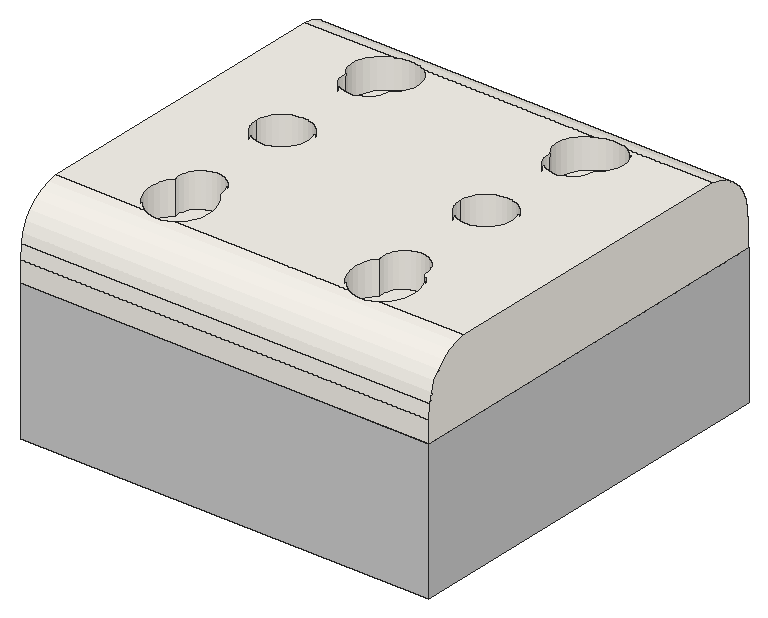
Revit family "Domotics-DomesticRanges-GEWISS-CHORUS_POWER-SOCKET-OUTLET_ITA_2xP11P17_16A", category Apparecchi elettrici, host Superficie, Revit 2016
Family settings
  Host = Superficie
  Mantenere orientamento annotazione = Sì
  Tipo di parte = Normale
  Quota connettore circolare = Usa diametro
  Numero OmniClass = 23.80.50.14
  Titolo OmniClass = Plug Connectors
  Taglio con vuoti quando caricato = Sì
  Condiviso = Sì
  Punto di calcolo locali = No
Parameters (values of type "GW14208 - Titanium")
  Wiring terminals = "With screw"
  Voltage: = "250 V ac"
  Voltage = "250 V ac"
  Vista in pianta [instance] = yes
  Vista di pianta [instance] = yes
  Version file RFA = "19.0"
  URL = "https://www.gewiss.com/ww/en"
  Tipo = CHORUS PRESE DOPPIE ITA P11-17 16A_BASE : GW14906 - Titanio
  Thermo-pressure with ball = "125 °C"
  Terminal tightening capacity rigid cables (mm2) = "min. 0,5 - max. 2x2,5"
  Terminal tightening capacity flexible cables (mm2) = "min. 0,75 - max. 2x4"
  Terminal grip on cable traction = "> 50 N"
  Technical sheet = "https://www.gewiss.com/ww/en/search?q=GW14208"
  Standard; = "IEC 60884-1"
  Standard: = "English"
  Standard = "English"
  Socket-out type = "P11-P17"
  Simbolo = SIMBOLO PRESE DOPPIE : PRESA DOPPIA
  SIMBOLO [instance] = yes
  SEO = "Socket outlet"
  Resistance at test voltage = "2000 V at 50 Hz for 1 minute"
  Realized by GEWISS S.p.A. = ""
  Prolonged operation (no.of position changes) = "10.000 at In 250 V ac cosØ=0,8"
  Produttore = "GEWISS S.p.A."
  No. Chorus modules: = "2"
  No. Chorus modules = "2"
  Modello = "GW14208"
  Larghezza presa = 46 mm
  Insulation resistance = "> 5 MOhm"
  IFC.TypeObject = ""
  IFC.ExportType = ""
  IFC.ExportAs = ""
  Offset presa [instance] = 0 mm
  Offset bidimensionale [instance] = 2 mm
  IDT = "0d330754-0b03-49b4-9722-6411f775bea8"
  IDF = "0beabf91-52fa-4b9d-8450-2fb65aae4f08"
  Glow Wire Test = "850°C"
  For plug pins = "Ø 4 / 5 mm"
  Electrocod = "0131"
  EAN code = "8011564266339"
  Distanza_x [instance] = 0 mm
  Distanza_effettiva_x [instance] = 1500 mm - Distanza_x  # 1500 mm
  Default Elevation = 1219.2 mm
  Immagine tipo = GW14208.jpg
  Descrizione = "DBL SOCKET 2P+E 16A P17-11 D.AM IT ST T"
  Description: = "2x2P+E - 16A Dual amperage"
  Description. = "Double socket-outlet"
  Colour = "Titanium"
  Characteristics = "With safety shields"
  Category = "Double socket-outlet"
  Catalogue Range = "CHORUS - DOMESTIC RANGE"
  Catalogue = "DOMOTICS"
  COBie.Tagnumber = ""
  COBie.CreatedOn = ""
  COBie.CreatebBy = ""
  COBie.ComponentRegisterItemID = ""
  COBie.Component.TagNumber = ""
  COBie.Component.Space = ""
  COBie.Component.SerialNumber = ""
  COBie.Component.InstallationDate = ""
  COBie.Component.Description = ""
  COBie.Component.BarCode = ""
  Breaking capacity: = "1.25 In (100 position changes)"
Types (3, lengths in mm): name | Tipo | Technical sheet | Modello | IDT | EAN code | Immagine tipo | Descrizione | Colour
  GW10208 - White | CHORUS PRESE DOPPIE ITA P11-17 16A_BASE : BIANCO | "https://www.gewiss.com/ww/en/search?q=GW10208" | "GW10208" | "a61e7f57-0a49-4e88-a2ea-4d9792fcc56e" | "8011564258655" | GW10208.jpg | "2XS. OUT. 2P+E 16A P17-11 D.AM IT WH" | "White"
  GW12208 - Black | CHORUS PRESE DOPPIE ITA P11-17 16A_BASE : NERO | "https://www.gewiss.com/ww/en/search?q=GW12208" | "GW12208" | "1884ef91-dc54-4909-a2a3-03ab2e2d80e9" | "8011564269507" | GW12208.jpg | "DBL SOC, 2P+E 16A P17-11 D.AM IT/G ST B" | "Black"
  GW14208 - Titanium | CHORUS PRESE DOPPIE ITA P11-17 16A_BASE : GW14906 - Titanio | "https://www.gewiss.com/ww/en/search?q=GW14208" | "GW14208" | "0d330754-0b03-49b4-9722-6411f775bea8" | "8011564266339" | GW14208.jpg | "DBL SOCKET 2P+E 16A P17-11 D.AM IT ST T" | "Titanium"
Reference planes
  plane 1 "Centro (Fronte/Retro)": y = 0
  plane 2: z = 0
  plane 3 "Centro (Sinistra/Destra)": x = 0
  plane 4: z = 0
  plane 5 "piano bidimensionale": z = 28
  plane 6: x = -23
  plane 7: x = 23
  plane 8: z = 26
  plane 9: x = -1500
  plane 10: x = 0
Lines and regions (mm)
  Masking region 1, visible <- "Vista di pianta"
    outline origin (0, 0, 0) x (1, 0, 0) y (0, 0, 1)
      loop
        line (-23, 26) -> (-23, 0) -> (23, 0) -> (23, 26) -> (-23, 26)
  model lines, style "pulsanti", not visible, detail levels coarse
    curve 1: line (-11.5, 22.5, 58) -> (11.5, 22.5, 58)
    curve 2: line (-11.5, -22.5, 58) -> (-11.5, 22.5, 58)
    curve 3: line (11.5, -22.5, 58) -> (-11.5, -22.5, 58)
    curve 4: line (11.5, 22.5, 58) -> (11.5, -22.5, 58)
    curve 5: line (6.262, -7.36, 58) -> (-6.262, -7.36, 58)
    curve 6: line (6.36, -6.36, 58) -> (-6.36, -6.36, 58)
    curve 7: arc (-7.36, -6.262, 58) -> (-7.039, -7.039, 58) -> (-6.262, -7.36, 58) r 1.098
    curve 8: line (-7.36, 6.262, 58) -> (-7.36, -6.262, 58)
    curve 9: line (-6.36, -6.36, 58) -> (-6.36, 6.36, 58)
    curve 10: line (-6.36, 6.36, 58) -> (-0.5, 6.36, 58)
    curve 11: line (6.262, 7.36, 58) -> (0.5, 7.36, 58)
    curve 12: line (-0.5, 13.106, 58) -> (-0.5, 7.36, 58)
    curve 13: line (0.5, 7.36, 58) -> (0.5, 13.106, 58)
    curve 14: line (0.5, 3.674, 58) -> (0.5, 6.36, 58)
    curve 15: line (-0.5, 3.674, 58) -> (0.5, 3.674, 58)
    curve 16: line (0.5, 13.106, 58) -> (-0.5, 13.106, 58)
    curve 17: arc (-7.36, 6.262, 58) -> (-7.039, 7.039, 58) -> (-6.262, 7.36, 58) r 1.098
    curve 18: line (6.36, 6.36, 58) -> (6.36, -6.36, 58)
    curve 19: line (7.36, 6.262, 58) -> (7.36, -6.262, 58)
    curve 20: line (0.5, 6.36, 58) -> (6.36, 6.36, 58)
    curve 21: arc (7.36, 6.262, 58) -> (7.039, 7.039, 58) -> (6.262, 7.36, 58) r 1.098
    curve 22: arc (6.262, -7.36, 58) -> (7.039, -7.039, 58) -> (7.36, -6.262, 58) r 1.098
    curve 23: line (6.262, -7.36, 58) -> (-6.262, -7.36, 58)
    curve 24: line (6.36, -6.36, 58) -> (-6.36, -6.36, 58)
    curve 25: line (-0.5, 6.36, 58) -> (-0.5, 3.674, 58)
    curve 26: line (-0.5, 7.36, 58) -> (-6.262, 7.36, 58)
    curve 43: line (23, 22.5, 28) -> (23, -22.5, 28)
    curve 44: line (23, -22.5, 28) -> (-23, -22.5, 28)
    curve 45: line (-23, -22.5, 28) -> (-23, 22.5, 28)
    curve 46: line (-23, 22.5, 28) -> (23, 22.5, 28)
    curve 47: arc (-13.91, -11.994, 28) -> (-11.246, -17.963, 28) -> (-8.927, -11.852, 28) r 3.536
    curve 48: arc (-8.927, -11.852, 28) -> (-11.495, -9.23, 28) -> (-13.91, -11.994, 28) r 2.5
    curve 49: arc (-8.558, 0, 28) -> (-11.5, -2.942, 28) -> (-14.442, 0, 28) r 2.942
    curve 50: arc (-14.442, 0, 28) -> (-11.5, 2.942, 28) -> (-8.558, 0, 28) r 2.942
    curve 51: arc (-8.927, 11.852, 28) -> (-11.246, 17.963, 28) -> (-13.91, 11.994, 28) r 3.536
    curve 52: arc (-13.91, 11.994, 28) -> (-11.495, 9.23, 28) -> (-8.927, 11.852, 28) r 2.5
    curve 53: arc (9.09, -11.994, 28) -> (11.754, -17.963, 28) -> (14.073, -11.852, 28) r 3.536
    curve 54: arc (14.073, -11.852, 28) -> (11.505, -9.23, 28) -> (9.09, -11.994, 28) r 2.5
    curve 55: arc (14.442, 0, 28) -> (11.5, -2.942, 28) -> (8.558, 0, 28) r 2.942
    curve 56: arc (8.558, 0, 28) -> (11.5, 2.942, 28) -> (14.442, 0, 28) r 2.942
    curve 57: arc (14.073, 11.852, 28) -> (11.754, 17.963, 28) -> (9.09, 11.994, 28) r 3.536
    curve 58: arc (9.09, 11.994, 28) -> (11.505, 9.23, 28) -> (14.073, 11.852, 28) r 2.5
  model lines, style "pulsanti", detail levels coarse
    curve 27: line (23, 22.5, 28) -> (23, -22.5, 28)
    curve 28: line (23, -22.5, 28) -> (-23, -22.5, 28)
    curve 29: line (-23, -22.5, 28) -> (-23, 22.5, 28)
    curve 30: line (-23, 22.5, 28) -> (23, 22.5, 28)
    curve 31: arc (-13.91, -11.994, 28) -> (-11.246, -17.963, 28) -> (-8.927, -11.852, 28) r 3.536
    curve 32: arc (-8.927, -11.852, 28) -> (-11.495, -9.23, 28) -> (-13.91, -11.994, 28) r 2.5
    curve 33: arc (-8.558, 0, 28) -> (-11.5, -2.942, 28) -> (-14.442, 0, 28) r 2.942
    curve 34: arc (-14.442, 0, 28) -> (-11.5, 2.942, 28) -> (-8.558, 0, 28) r 2.942
    curve 35: arc (-8.927, 11.852, 28) -> (-11.246, 17.963, 28) -> (-13.91, 11.994, 28) r 3.536
    curve 36: arc (-13.91, 11.994, 28) -> (-11.495, 9.23, 28) -> (-8.927, 11.852, 28) r 2.5
    curve 37: arc (9.09, -11.994, 28) -> (11.754, -17.963, 28) -> (14.073, -11.852, 28) r 3.536
    curve 38: arc (14.073, -11.852, 28) -> (11.505, -9.23, 28) -> (9.09, -11.994, 28) r 2.5
    curve 39: arc (14.442, 0, 28) -> (11.5, -2.942, 28) -> (8.558, 0, 28) r 2.942
    curve 40: arc (8.558, 0, 28) -> (11.5, 2.942, 28) -> (14.442, 0, 28) r 2.942
    curve 41: arc (14.073, 11.852, 28) -> (11.754, 17.963, 28) -> (9.09, 11.994, 28) r 3.536
    curve 42: arc (9.09, 11.994, 28) -> (11.505, 9.23, 28) -> (14.073, 11.852, 28) r 2.5
Dimensions and locks
  "Offset presa": plane 4 to host face
  equal spacing: plane 6, plane 3 "Centro (Sinistra/Destra)", plane 7
  "Larghezza presa": plane 6 to plane 7
  locked: plane 8 to plane 4 at 26
  plane 9 to plane 3 "Centro (Sinistra/Destra)" = 1500 mm
  "Distanza_effettiva_x": plane 9 to plane 10
  "Offset bidimensionale": plane 5 "piano bidimensionale" to plane 8
  aligned and locked: plane 2 to host face
  aligned and locked: level to host face
  aligned and locked: nested 1 to plane 4
  aligned and locked: Masking region 1 sketch curve to plane 8
  aligned and locked: plane 6 to Masking region 1 sketch curve
  aligned and locked: plane 4 to Masking region 1 sketch curve
  aligned and locked: plane 10 to nested 2
Automatic sketch dimensions
  host sketch curve to host sketch curve = 2438.4 mm  (x2)
  Masking region 1 sketch curve to plane 7 = 0 mm
Nested families
  nested 1: "CHORUS PRESE DOPPIE ITA P11-17 16A_BASE" at (0, 0, 0), type <- "Tipo", type "GW14906 - Titanio"
  nested 2: "SIMBOLO PRESE DOPPIE" at (0, 100, 0), type <- "Simbolo", SIMBOLO <- "SIMBOLO", type "PRESA DOPPIA"
    with TESTO ELETTRICO "10/16", Distanza dal muro 4.208 mm, BORDO ACCESO yes
Connectors
  electrical at (0, 0, 0)
    settings: on nested 1, index 1, voltage 230 V, apparent load 0 VA, apparent load phase1 0 VA, apparent load phase2 0 VA, apparent load phase3 0 VA, power factor 1, load classification "Other", number of poles 2, system type 31, power factor state 1, is connector primary yes, connector utility no, sub classification motor no, connector description ""
Definition of nested family "CHORUS PRESE DOPPIE ITA P11-17 16A_BASE"
  Parameters (values of type "BIANCO")
    Simbolo accensione = none
    Supporto = none
    Pulsante = none
    Profondità suporto = 15.673 mm
    Larghezza pulsante = 46 mm  # constant formula
    Bidimensionale = 36.414 mm
    Altezza pulsante = 45 mm
  Types (12, lengths in mm): name | Bidimensionale
    NERO | 36.414
    TITANIO | 36.414
    BIANCO | 36.414
    GW10906 - Bianco | 36.414
    GW10905 - Bianco | 36.414
    GW10904 - Bianco | 36.414
    GW14906 - Titanio | 36.4
    GW14905 - Titanio | 36.414
    GW14904 - Titanio | 36.414
    GW12905 - Nero | 36.414
    GW12906 - Nero | 36.414
    GW12904 - Nero | 36.414
  Reference planes
    plane 1 "Centro (Fronte/Retro)": y = 0
    plane 2: z = 0
    plane 3 "Centro (Sinistra/Destra)": x = 0
    plane 4: y = -22.5
    plane 5: y = 22.5
    plane 6: x = -23
    plane 7: x = 23
    plane 8: z = 15.673
    plane 9 "PIANO BIDIMENSIONALE": z = 36.414
    plane 10: z = 25.215
    plane 11: z = 21.09
  Forms (mm)
    Extrusion 1, solid, material <- "Supporto", detail levels medium+fine
      sketch origin (0, 0, 0) x (0, 1, 0) y (0, 0, 1)
        loop
          line (-22.5, 0) -> (22.5, 0) -> (22.5, 15.673) -> (-22.5, 15.673) -> (-22.5, 0)
      from -23 to 23
    Extrusion 2, solid, material <- "Pulsante", detail levels medium+fine
      sketch origin (0, 0, 0) x (0, 1, 0) y (0, 0, 1)
        loop
          arc (-17.507, 24.388) -> (-20.777, 22.858) -> (-22.34, 19.604) r 5.368
          line (-22.34, 19.604) -> (-22.5, 18.078) -> (-22.5, 15.673) -> (22.5, 15.673) -> (22.5, 18.078) -> (22.34, 19.604)
          arc (22.34, 19.604) -> (20.777, 22.858) -> (17.507, 24.388) r 5.368
          arc (17.507, 24.388) -> (0, 25.215) -> (-17.507, 24.388) r 185.543
      from -23 to 23
    Extrusion 3, void
      sketch origin (0, 0, 36.414) x (-1, 0, 0) y (0, -1, 0)
        loop
          arc (8.927, -11.852) -> (11.246, -17.963) -> (13.91, -11.994) r 3.536
          arc (13.91, -11.994) -> (11.495, -9.23) -> (8.927, -11.852) r 2.5
        loop
          circle (11.5, 0) r 2.942
        loop
          arc (8.927, 11.852) -> (11.495, 9.23) -> (13.91, 11.994) r 2.5
          arc (13.91, 11.994) -> (11.246, 17.963) -> (8.927, 11.852) r 3.536
        loop
          arc (-14.073, 11.852) -> (-11.505, 9.23) -> (-9.09, 11.994) r 2.5
          arc (-9.09, 11.994) -> (-11.754, 17.963) -> (-14.073, 11.852) r 3.536
        loop
          circle (-11.5, 0) r 2.942
        loop
          arc (-9.09, -11.994) -> (-11.505, -9.23) -> (-14.073, -11.852) r 2.5
          arc (-14.073, -11.852) -> (-11.754, -17.963) -> (-9.09, -11.994) r 3.536
      from -15.324 to -11.199
  Cuts and joins
    Extrusion 3 cuts Extrusion 2
  Lines and regions (mm)
    Masking region 1
      outline origin (0, 0, 36.414) x (-1, 0, 0) y (0, -1, 0)
        loop
          line (23, -22.5) -> (23, 22.5) -> (-23, 22.5) -> (-23, -22.5) -> (23, -22.5)
        loop
          arc (8.927, -11.852) -> (11.246, -17.963) -> (13.91, -11.994) r 3.536
          arc (13.91, -11.994) -> (11.495, -9.23) -> (8.927, -11.852) r 2.5
        loop
          circle (11.5, 0) r 2.942
        loop
          arc (13.91, 11.994) -> (11.246, 17.963) -> (8.927, 11.852) r 3.536
          arc (8.927, 11.852) -> (11.495, 9.23) -> (13.91, 11.994) r 2.5
        loop
          arc (-8.927, -11.852) -> (-11.495, -9.23) -> (-13.91, -11.994) r 2.5
          arc (-13.91, -11.994) -> (-11.246, -17.963) -> (-8.927, -11.852) r 3.536
        loop
          circle (-11.5, 0) r 2.942
        loop
          arc (-13.91, 11.994) -> (-11.495, 9.23) -> (-8.927, 11.852) r 2.5
          arc (-8.927, 11.852) -> (-11.246, 17.963) -> (-13.91, 11.994) r 3.536
  Dimensions and locks
    equal spacing: plane 4, plane 1 "Centro (Fronte/Retro)", plane 5
    plane 4 to plane 5 = 45 mm
    equal spacing: plane 6, plane 3 "Centro (Sinistra/Destra)", plane 7
    "Larghezza pulsante": plane 6 to plane 7
    equal spacing: plane 5, plane 1 "Centro (Fronte/Retro)", plane 4
    "Altezza pulsante": plane 5 to plane 4
    "Profondità suporto": plane 8 to plane 2
    "Bidimensionale": plane 9 "PIANO BIDIMENSIONALE" to level
    aligned and locked: level to plane 2
    aligned and locked: Extrusion 1 sketch curve to plane 4
    aligned and locked: plane 5 to Extrusion 1 sketch curve
    aligned and locked: Extrusion 1 sketch curve to plane 2
    aligned and locked: Extrusion 1 to plane 6
    aligned and locked: plane 7 to Extrusion 1
    aligned and locked: plane 7 to Extrusion 2
    aligned and locked: Extrusion 2 to plane 6
    aligned and locked: Extrusion 3 to plane 11
    aligned and locked: Extrusion 3 to plane 10
  Automatic sketch dimensions
    Extrusion 2 sketch curve to plane 4 = 0 mm
    Extrusion 2 sketch curve to plane 1 "Centro (Fronte/Retro)" = 0 mm
    Extrusion 2 sketch curve to plane 5 = 0 mm
    plane 8 to Extrusion 2 sketch curve = 0 mm
    plane 4 to Extrusion 2 sketch curve = 0.16 mm
    Extrusion 2 sketch curve to plane 8 = 3.37 mm  (x2)
    Extrusion 2 sketch curve to Extrusion 2 sketch curve = 5.339 mm
    Extrusion 2 sketch curve to plane 5 = 5.5 mm
    Extrusion 2 sketch curve to plane 5 = 0.16 mm
    Extrusion 2 sketch curve to level = 160.328 mm
    Extrusion 2 sketch curve to plane 8 = 2.405 mm
    Extrusion 2 sketch curve to Extrusion 2 sketch curve = 1.526 mm  (x2)
    Extrusion 2 sketch curve to plane 8 = 3.932 mm
    Extrusion 2 sketch curve to Extrusion 2 sketch curve = 0 mm
    Extrusion 3 sketch curve to plane 3 "Centro (Sinistra/Destra)" = 11.347 mm  (x2)
    Extrusion 3 sketch curve to Extrusion 3 sketch curve = 0.077 mm  (x4)
    Extrusion 3 sketch curve to plane 5 = 8.071 mm  (x2)
    Extrusion 3 sketch curve to Extrusion 3 sketch curve = 2.701 mm  (x4)
    Extrusion 3 sketch curve to Extrusion 3 sketch curve = 2.497 mm  (x4)
    Extrusion 3 sketch curve to Extrusion 3 sketch curve = 2.486 mm  (x4)
    plane 1 "Centro (Fronte/Retro)" to Extrusion 3 sketch curve = 0 mm  (x2)
    Extrusion 3 sketch curve to plane 3 "Centro (Sinistra/Destra)" = 11.5 mm
    plane 4 to Extrusion 3 sketch curve = 10.771 mm  (x2)
    Extrusion 3 sketch curve to plane 7 = 11.424 mm
    Extrusion 3 sketch curve to plane 7 = 11.347 mm
    plane 3 "Centro (Sinistra/Destra)" to Extrusion 3 sketch curve = 11.5 mm
    Masking region 1 sketch curve to Masking region 1 sketch curve = 0 mm  (x4)
    Masking region 1 sketch curve to plane 5 = 0 mm
    Masking region 1 sketch curve to plane 7 = 0 mm
    plane 1 "Centro (Fronte/Retro)" to Masking region 1 sketch curve = 0 mm  (x2)
    Masking region 1 sketch curve to plane 6 = 0 mm
    Masking region 1 sketch curve to plane 4 = 0 mm
    plane 3 "Centro (Sinistra/Destra)" to Masking region 1 sketch curve = 11.5 mm
    plane 3 "Centro (Sinistra/Destra)" to Masking region 1 sketch curve = 11.424 mm  (x2)
    Masking region 1 sketch curve to Masking region 1 sketch curve = 0.077 mm  (x4)
    Masking region 1 sketch curve to plane 3 "Centro (Sinistra/Destra)" = 11.347 mm  (x2)
    Masking region 1 sketch curve to plane 3 "Centro (Sinistra/Destra)" = 11.5 mm
    Masking region 1 sketch curve to plane 5 = 8.071 mm  (x2)
    Masking region 1 sketch curve to Masking region 1 sketch curve = 2.701 mm  (x4)
    plane 4 to Masking region 1 sketch curve = 10.771 mm  (x2)
    Masking region 1 sketch curve to Masking region 1 sketch curve = 2.942 mm  (x2)
    Masking region 1 sketch curve to Masking region 1 sketch curve = 2.486 mm  (x4)
    Masking region 1 sketch curve to Masking region 1 sketch curve = 2.497 mm  (x4)
    plane 8 to Extrusion 1 sketch curve = 0 mm
    radius of Extrusion 3 sketch curve = 2.942 mm  (x2)
Definition of nested family "SIMBOLO PRESE DOPPIE"
  Parameters (values of type "PRESA DOPPIA")
    TESTO ELETTRICO [instance] = "TXT"
    Simbolo = SIMBOLO PRESE DOPPIE_BASE : PRESA DOPPIA
    SIMBOLO [instance] = yes
    Distanza dal muro [instance] = 4.208 mm
    BORDO ACCESO [instance] = yes
  Reference planes
    plane 1: y = 0
    plane 2: x = 0
  Dimensions and locks
    aligned and locked: plane 2 to nested 1
    aligned and locked: plane 1 to nested 1
  Nested families
    nested 1: "SIMBOLO PRESE DOPPIE_BASE" at (0, 0, 0), TESTO ELETTRICO <- "TESTO ELETTRICO", BORDO ACCESO <- "BORDO ACCESO", type <- "Simbolo", visible <- "SIMBOLO", type "PRESA DOPPIA"
      with TESTO ELETTRICO "TXT", BORDO ACCESO yes
  Definition of nested family "SIMBOLO PRESE DOPPIE_BASE"
    Parameters (values of type "PRESA DOPPIA")
      TESTO ELETTRICO [instance] = "TXT"
      Distanza dal muro = 4.208 mm
      BORDO ACCESO [instance] = yes
    Reference planes
      plane 1: y = 0
      plane 2: x = 0
    Lines and regions (mm)
      detail lines, visible <- "BORDO ACCESO", not visible
        curve 1: line (-1.743, 9.208, 0) -> (2.057, 9.208, 0)
        curve 2: line (2.057, 9.208, 0) -> (2.057, 4.208, 0)
        curve 3: line (2.057, 4.208, 0) -> (-1.743, 4.208, 0)
        curve 4: line (-1.743, 4.208, 0) -> (-1.743, 9.208, 0)
        curve 5: line (-1.543, 9.008, 0) -> (1.857, 9.008, 0)
        curve 6: line (1.857, 9.008, 0) -> (1.857, 4.408, 0)
        curve 7: line (1.857, 4.408, 0) -> (-1.543, 4.408, 0)
        curve 8: line (-1.543, 4.408, 0) -> (-1.543, 9.008, 0)
      detail lines
        curve 9: line (0.9, 1.016, 0) -> (0.033, 1.016, 0)
        curve 10: line (0.433, 1.016, 0) -> (0.433, 0.615, 0)
        curve 11: arc (0.033, 1.416, 0) -> (0.433, 1.016, 0) -> (0.834, 1.416, 0) r 0.4
        curve 12: line (-0.868, 1.016, 0) -> (-0.04, 1.016, 0)
        curve 13: line (-0.441, 1.016, 0) -> (-0.441, 0.615, 0)
        curve 14: arc (-0.04, 1.416, 0) -> (-0.441, 1.016, 0) -> (-0.841, 1.416, 0) r 0.4
    Text (mm)
      label "TXT" at (0.474, 1.265, 0), shows "TESTO ELETTRICO"
      label "TXT" at (-0.448, 1.265, 0), shows "TESTO ELETTRICO"
